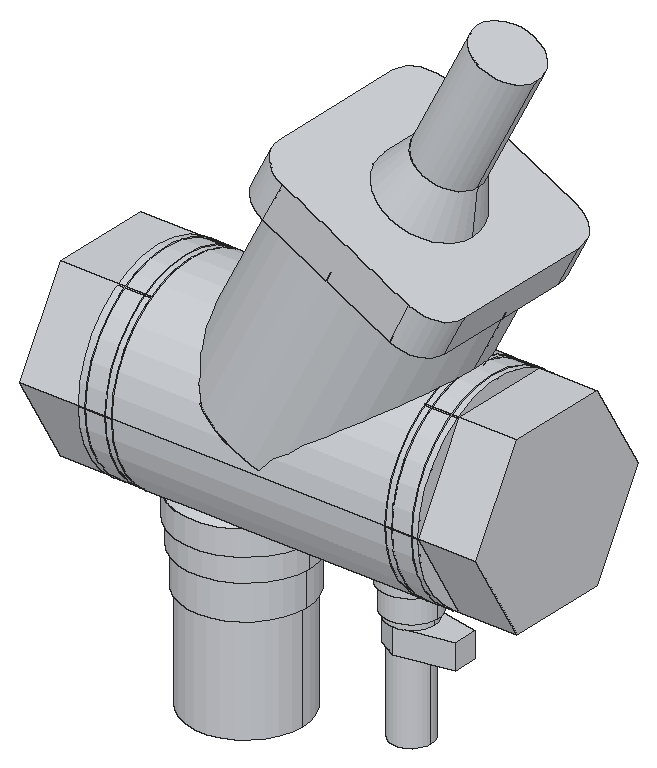
Revit family "Sigma_Compact_DN050_s vyp_RFA_2019", category Pipe Accessories, Revit 2019
Family settings
  Round Connector Dimension = Use Diameter
  Part Type = Valve - Breaks Into
  Work Plane-Based = No
  Always vertical = Yes
  Cut with Voids When Loaded = No
  Shared = No
Parameters (values of type "Sigma Compact DN 50 s vypouštěním")
  magiProductId = "001ad4382b874bb9b8e1e8cf3b6430"
  magiProductFamilyId = "2dc1766e7e3844cdb739145bbea09c"
  magiPartTypeId = 304
  isMeasuringValve [instance] = no
  ang2D [instance] = 0.00°
  Z6 = 39.3 mm
  Z5 = 91.7 mm
  Z4 = 78.6 mm
  Z3 = 13.1 mm
  Z2 = 65.5 mm
  XR2 = 37.5 mm
  XR1 = 25.5 mm
  W2D = 32 mm
  VersionID = "2.0/2018.12.13.2/FRESE_SIGMA_PLUG_Q13_001"
  Use Minimum Symbol Size [instance] = no
  URL = "www.hydronic.cz"
  Type Comments = "závitový; vnitřní závit; PN25; max dp=400kPa; -10~+120°C; max uzavírací tlak 1MPa"
  R4 = 15 mm
  R3 = 10 mm
  R2 = 30.5 mm
  R1 = 31.5 mm
  QmdConnectorList = "301;D;302;D"
  Productdata [instance] = ""
  NL__ve = -NL  # -27.6 mm
  NL = 27.6 mm
  Manufacturer = "Hydronic Systems Prague s.r.o."
  MC Use Limits From Balancing Method = no
  MC Throttling Minimum Value = 0
  MC Throttling Maximum Value = 0
  MC Product Code = "53-2227 DN50 FF s měřením a vypouštěním; (900-10350 l/h); kvs=20,3"
  MC Pressure Drop Minimum Value = 0.0 Pa
  MC Pressure Drop Maximum Value = 0.0 Pa
  MC Piping Given Pressure Drop [instance] = 0.0 Pa
  M5 = 51.4 mm
  M4 = 49.4 mm
  M3 = 43.4 mm
  M2 = 41.4 mm
  LP = 69 mm
  LM = 82.8 mm
  LL__ve = -LL  # -7.6 mm
  LLT__ve = -LLT  # -28.2 mm
  LLT = 28.2 mm
  LLL = 11 mm
  LL3 = 60 mm
  LL2 = 51 mm
  LL = 7.6 mm
  L3 = 25 mm
  L2D_Min = 30.48 mm
  L2D = 82.4 mm
  Description = "Automatický vyvažovací ventil"
  DR1 = yes
  DR0 = no
  DL2 = 85 mm
  D = 50 mm
  CenSd_R2_6 = R2 * cos(30.00°)  # 26.414 mm
  CAT0 = yes
  C0D1 = yes
  C0D0 = no
Types (3, lengths in mm): name | magiProductId | Z6 | Z5 | Z4 | Z3 | Z2 | NL__ve | NL | MC Product Code | M5 | M4 | M3 | M2 | LP | LM | LL__ve | LLT__ve | LLT | LL3 | LL2 | LL | DL2 | D
  Sigma Compact DN 32 s vypouštěním | "52c1318164f948b8bfa512d8a8b026" | 33 | 77 | 66 | 11 | 55 | -20.8 | 20.8 | "53-2225 DN32 FF s měřením a vypouštěním; (200-5000 l/h); kvs=10,9" | 41.2 | 39.2 | 33.2 | 31.2 | 52 | 62.4 | -6.8 | -22.6 | 22.6 | 52 | 43 | 6.8 | 77 | 32
  Sigma Compact DN 40 s vypouštěním | "ead7fbe154ec4086ae4626bbcbe652" | 39.3 | 91.7 | 78.6 | 13.1 | 65.5 | -27.6 | 27.6 | "53-2226 DN40 FF s měřením a vypouštěním; (719-7400 l/h); kvs=18,0" | 51.4 | 49.4 | 43.4 | 41.4 | 69 | 82.8 | -7 | -24 | 24 | 54 | 45 | 7 | 79 | 40
  Sigma Compact DN 50 s vypouštěním | "001ad4382b874bb9b8e1e8cf3b6430" | 39.3 | 91.7 | 78.6 | 13.1 | 65.5 | -27.6 | 27.6 | "53-2227 DN50 FF s měřením a vypouštěním; (900-10350 l/h); kvs=20,3" | 51.4 | 49.4 | 43.4 | 41.4 | 69 | 82.8 | -7.6 | -28.2 | 28.2 | 60 | 51 | 7.6 | 85 | 50
Reference planes
  plane 1 "Center (Front/Back)": y = 0
  plane 2 "XYPLANE": z = 0
  plane 3 "Center (Left/Right)": x = 0
  plane 4 "408": x = 69
  plane 5 "407": x = -69
  plane 6 "404": z = -52.4
  plane 7 "403": z = -60
  plane 8 "402": z = -85
  plane 9 "213": x = -25
  plane 10 "168": z = -24.2
  plane 11 "167": z = -26.2
  plane 12 "166": z = -33.8
  plane 13 "165": z = -41.4
  plane 14 "164": z = -43.4
  plane 15 "154": z = 0
  plane 16 "152": y = 0
  plane 17 "151": z = -51
  plane 18 "150": x = 25
  plane 19 "75": through (307.08, 0, 685.28) normal (0.891, 0, -0.454)
  plane 20 "74": x = 51.4
  plane 21 "73": x = 49.4
  plane 22 "72": x = 43.4
  plane 23 "71": x = 41.4
  plane 24 "70": x = -51.4
  plane 25 "69": x = -49.4
  plane 26 "68": x = -43.4
  plane 27 "67": y = 0
  plane 28 "66": through (-666.893, 0, 343.166) normal (0.454, 0, 0.891)
  plane 29 "65": x = -41.4
  plane 30 "64": through (335.147, 0, 670.979) normal (0.891, 0, -0.454)
  plane 31 "63": through (-638.519, 0, 398.854) normal (0.454, 0, 0.891)
  plane 32 "62": through (363.214, 0, 656.678) normal (0.891, 0, -0.454)
  plane 33 "61": y = 31.5
  plane 34 "60": y = -31.5
  plane 35 "59": through (-632.571, 0, 410.526) normal (0.454, 0, 0.891)
  plane 36 "58": through (-626.624, 0, 422.198) normal (0.454, 0, 0.891)
  plane 37 "56": x = 0
  plane 38 "55": through (-668.255, 0, 340.493) normal (0.454, 0, 0.891)
  plane 39 "102XY": through (-668.255, 0, 340.493) normal (0.454, 0, 0.891)
  plane 40 "102XZ": y = 0
  plane 41 "102YZ": through (340.493, 0, 668.255) normal (0.891, 0, -0.454)
Forms (mm)
  Extrusion 1, solid
    sketch origin (69, -750, 0) x (0, 1, 0) y (0, 0, 1)
      loop
        line (780.5, 0) -> (765.25, 26.414) -> (734.75, 26.414) -> (719.5, 0) -> (734.75, -26.414) -> (765.25, -26.414) -> (780.5, 0)
    from 0 to -27.6 <- "NL__ve"
  Extrusion 2, solid
    sketch origin (-69, -750, 0) x (0, 1, 0) y (0, 0, 1)
      loop
        line (719.5, 0) -> (734.75, -26.414) -> (765.25, -26.414) -> (780.5, 0) -> (765.25, 26.414) -> (734.75, 26.414) -> (719.5, 0)
    from 0 to 27.6 <- "NL"
  Extrusion 3, solid, visible <- "C0D1"
    sketch origin (-750, 0, -85) x (1, 0, 0) y (0, 1, 0)
      loop
        circle (725, 0) r 17.2
    from 0 to 50
  Extrusion 4, solid, visible <- "DR1"
    sketch origin (-750, 0, -52.4) x (1, 0, 0) y (0, 1, 0)
      loop
        line (725, -8) -> (731.928, -4) -> (731.928, 4) -> (725, 8) -> (707.872, 4) -> (707.872, -4) -> (725, -8)
    from 0 to -7.6 <- "LL__ve"
  Extrusion 5, solid, visible <- "DR1"
    sketch origin (-750, 0, -52.4) x (1, 0, 0) y (0, 1, 0)
      loop
        circle (725, 0) r 18.2
    from 0 to 11 <- "LLL"
  Extrusion 6, solid, visible <- "DR1"
    sketch origin (-750, 0, -41.4) x (1, 0, 0) y (0, 1, 0)
      loop
        circle (725, 0) r 19.2
    from 0 to 7.6 <- "LL"
  Extrusion 7, solid, visible <- "DR1"
    sketch origin (-750, 0, -33.8) x (1, 0, 0) y (0, 1, 0)
      loop
        circle (725, 0) r 20.2
    from 0 to 7.6 <- "LL"
  Blend 8, solid, visible <- "DR1"
    base sketch origin (-750, 0, -24.2) x (1, 0, 0) y (0, 1, 0)
      loop
        circle (725, 0) r 17.7
    top sketch origin (-750, 0, -24.2) x (1, 0, 0) y (0, 1, 0)
      loop
        circle (725, 0) r 20.2
    from 0 to -2
  Extrusion 9, solid, visible <- "DR1"
    sketch origin (-750, 0, 0) x (1, 0, 0) y (0, 1, 0)
      loop
        circle (725, 0) r 17.7
    from 0 to -28.2 <- "LLT__ve"
  Extrusion 10, solid, visible <- "C0D0"
    sketch origin (-750, 0, -51) x (1, 0, 0) y (0, 1, 0)
      loop
        circle (725, 0) r 16.2
    from 0 to -25
  Extrusion 11, solid, visible <- "DR0"
    sketch origin (-750, 0, -43.4) x (1, 0, 0) y (0, 1, 0)
      loop
        line (725, -7) -> (731.062, -3.5) -> (731.062, 3.5) -> (725, 7) -> (708.738, 3.5) -> (708.738, -3.5) -> (725, -7)
    from 0 to -7.6 <- "LL__ve"
  Extrusion 12, solid, visible <- "DR0"
    sketch origin (-750, 0, -43.4) x (1, 0, 0) y (0, 1, 0)
      loop
        circle (725, 0) r 17.2
    from 0 to 2
  Extrusion 13, solid, visible <- "DR0"
    sketch origin (-750, 0, -33.8) x (1, 0, 0) y (0, 1, 0)
      loop
        circle (725, 0) r 19.2
    from 0 to 7.6 <- "LL"
  Blend 14, solid, visible <- "DR0"
    base sketch origin (-750, 0, -24.2) x (1, 0, 0) y (0, 1, 0)
      loop
        circle (725, 0) r 16.7
    top sketch origin (-750, 0, -24.2) x (1, 0, 0) y (0, 1, 0)
      loop
        circle (725, 0) r 19.2
    from 0 to -2
  Extrusion 15, solid, visible <- "DR0"
    sketch origin (-750, 0, 0) x (1, 0, 0) y (0, 1, 0)
      loop
        circle (725, 0) r 16.7
    from 0 to -28.2 <- "LLT__ve"
  Extrusion 16, solid, visible <- "DR0"
    sketch origin (-750, 0, 0) x (1, 0, 0) y (0, 1, 0)
      loop
        circle (725, 0) r 16.7
    from 0 to -28.2 <- "LLT__ve"
  Blend 17, solid, visible <- "DR0"
    base sketch origin (-750, 0, -24.2) x (1, 0, 0) y (0, 1, 0)
      loop
        circle (725, 0) r 16.7
    top sketch origin (-750, 0, -24.2) x (1, 0, 0) y (0, 1, 0)
      loop
        circle (725, 0) r 19.2
    from 0 to -2
  Extrusion 18, solid, visible <- "DR0"
    sketch origin (-750, 0, -33.8) x (1, 0, 0) y (0, 1, 0)
      loop
        circle (725, 0) r 19.2
    from 0 to 7.6 <- "LL"
  Extrusion 19, solid, visible <- "DR0"
    sketch origin (-750, 0, -41.4) x (1, 0, 0) y (0, 1, 0)
      loop
        circle (725, 0) r 18.2
    from 0 to 7.6 <- "LL"
  Extrusion 20, solid, visible <- "DR0"
    sketch origin (-750, 0, -43.4) x (1, 0, 0) y (0, 1, 0)
      loop
        circle (725, 0) r 17.2
    from 0 to 2
  Extrusion 21, solid, visible <- "DR0"
    sketch origin (-750, 0, -43.4) x (1, 0, 0) y (0, 1, 0)
      loop
        line (725, -7) -> (731.062, -3.5) -> (731.062, 3.5) -> (725, 7) -> (708.738, 3.5) -> (708.738, -3.5) -> (725, -7)
    from 0 to -7.6 <- "LL__ve"
  Extrusion 22, solid, visible <- "C0D0"
    sketch origin (-750, 0, -51) x (1, 0, 0) y (0, 1, 0)
      loop
        circle (725, 0) r 16.2
    from 0 to -25
  Extrusion 23, solid, visible <- "CAT0"
    sketch origin (-750, 0, -51) x (1, 0, 0) y (0, 1, 0)
      loop
        circle (775, 0) r 6
    from 0 to -25
  Extrusion 24, solid
    sketch origin (-750, 0, -43.4) x (1, 0, 0) y (0, 1, 0)
      loop
        line (775, -7) -> (791.262, -3.5) -> (791.262, 3.5) -> (775, 7) -> (768.938, 3.5) -> (768.938, -3.5) -> (775, -7)
    from 0 to -7.6 <- "LL__ve"
  Extrusion 25, solid
    sketch origin (-750, 0, -43.4) x (1, 0, 0) y (0, 1, 0)
      loop
        circle (775, 0) r 7
    from 0 to 2
  Extrusion 26, solid
    sketch origin (-750, 0, -41.4) x (1, 0, 0) y (0, 1, 0)
      loop
        circle (775, 0) r 8
    from 0 to 7.6 <- "LL"
  Extrusion 27, solid
    sketch origin (-750, 0, -33.8) x (1, 0, 0) y (0, 1, 0)
      loop
        circle (775, 0) r 9
    from 0 to 7.6 <- "LL"
  Blend 28, solid
    base sketch origin (-750, 0, -24.2) x (1, 0, 0) y (0, 1, 0)
      loop
        circle (775, 0) r 6.5
    top sketch origin (-750, 0, -24.2) x (1, 0, 0) y (0, 1, 0)
      loop
        circle (775, 0) r 9
    from 0 to -2
  Extrusion 29, solid
    sketch origin (-750, 0, 0) x (1, 0, 0) y (0, 1, 0)
      loop
        circle (775, 0) r 6.5
    from 0 to -28.2 <- "LLT__ve"
  Blend 30, solid, visible <- "CAT0"
    base sketch origin (49.4, -750, 0) x (0, 1, 0) y (0, 0, 1)
      loop
        circle (750, 0) r 30.5
    top sketch origin (49.4, -750, 0) x (0, 1, 0) y (0, 0, 1)
      loop
        circle (750, 0) r 30.5
    from 0 to 2
  Extrusion 31, solid, visible <- "CAT0"
    sketch origin (43.4, -750, 0) x (0, 1, 0) y (0, 0, 1)
      loop
        circle (750, 0) r 30.5
    from 0 to 6
  Blend 32, solid, visible <- "CAT0"
    base sketch origin (41.4, -750, 0) x (0, 1, 0) y (0, 0, 1)
      loop
        circle (750, 0) r 30.5
    top sketch origin (41.4, -750, 0) x (0, 1, 0) y (0, 0, 1)
      loop
        circle (750, 0) r 30.5
    from 0 to 2
  Blend 33, solid, visible <- "CAT0"
    base sketch origin (-49.4, -750, 0) x (0, 1, 0) y (0, 0, 1)
      loop
        circle (750, 0) r 30.5
    top sketch origin (-49.4, -750, 0) x (0, 1, 0) y (0, 0, 1)
      loop
        circle (750, 0) r 30.5
    from 0 to -2
  Extrusion 34, solid, visible <- "CAT0"
    sketch origin (-49.4, -750, 0) x (0, 1, 0) y (0, 0, 1)
      loop
        circle (750, 0) r 30.5
    from 0 to 6
  Blend 35, solid, visible <- "CAT0"
    base sketch origin (-43.4, -750, 0) x (0, 1, 0) y (0, 0, 1)
      loop
        circle (750, 0) r 30.5
    top sketch origin (-43.4, -750, 0) x (0, 1, 0) y (0, 0, 1)
      loop
        circle (750, 0) r 30.5
    from 0 to 2
  Extrusion 36, solid, visible <- "CAT0"
    sketch origin (-41.4, -750, 0) x (0, 1, 0) y (0, 0, 1)
      loop
        circle (750, 0) r 30.5
    from 0 to 82.8 <- "LM"
  Extrusion 37, solid, visible <- "CAT0"
    sketch origin (-666.893, 0, 343.166) x (0.891007, 0, -0.45399) y (0, 1, 0)
      loop
        circle (744, 0) r 31.5
    from 0 to 65.5 <- "Z2"
  Extrusion 38, solid, visible <- "CAT0"
    sketch origin (-638.519, 0, 398.854) x (0.891007, 0, -0.45399) y (0, 1, 0)
      loop
        arc (722.5, 31.5) -> (715.429, 28.571) -> (712.5, 21.5) r 10
        line (712.5, 21.5) -> (712.5, -21.5)
        arc (712.5, -21.5) -> (715.429, -28.571) -> (722.5, -31.5) r 10
        line (722.5, -31.5) -> (765.5, -31.5)
        arc (765.5, -31.5) -> (772.571, -28.571) -> (775.5, -21.5) r 10
        line (775.5, -21.5) -> (775.5, 21.5)
        arc (775.5, 21.5) -> (772.571, 28.571) -> (765.5, 31.5) r 10
        line (765.5, 31.5) -> (722.5, 31.5)
    from 0 to 13.1 <- "Z3"
  Blend 39, solid, visible <- "CAT0"
    base sketch origin (-632.571, 0, 410.526) x (0.891007, 0, -0.45399) y (0, 1, 0)
      loop
        circle (744, 0) r 15
    top sketch origin (-632.571, 0, 410.526) x (0.891007, 0, -0.45399) y (0, 1, 0)
      loop
        circle (744, 0) r 10
    from 0 to 13.1
  Extrusion 40, solid, visible <- "CAT0"
    sketch origin (-626.624, 0, 422.198) x (0.891007, 0, -0.45399) y (0, 1, 0)
      loop
        circle (744, 0) r 10
    from 0 to 39.3 <- "Z6"
  Blend 41, solid, visible <- "CAT0"
    base sketch origin (-668.255, 0, 340.493) x (0.891007, 0, -0.45399) y (0, 1, 0)
      loop
        circle (744, 0) r 15
    top sketch origin (-668.255, 0, 340.493) x (0.891007, 0, -0.45399) y (0, 1, 0)
      loop
        circle (744, 0) r 31.5
    from 0 to 3
  Extrusion 42, solid, not visible
    sketch origin (-51.4, -750, 0) x (0, 1, 0) y (0, 0, 1)
      loop
        circle (750, 0) r 10
    from 0 to 10
  Extrusion 43, solid, not visible
    sketch origin (51.4, -750, 0) x (0, 1, 0) y (0, 0, 1)
      loop
        circle (750, 0) r 10
    from 0 to -10
Lines and regions (mm)
  reference lines, not visible
    curve 1: circle (2, 2, 0) r 1 normal (0, 0, 1)
  reference lines
    curve 2: line (69, 0, 0) -> (69, -7.625, 13.207)
    curve 3: line (69, 0, 0) -> (69, -15.25, 0)
    curve 4: line (69, 0, 0) -> (69, -7.625, -13.207)
    curve 5: line (-69, 0, 0) -> (-69, 7.625, 13.207)
    curve 6: line (-69, 0, 0) -> (-69, 15.25, 0)
    curve 7: line (-69, 0, 0) -> (-69, 7.625, -13.207)
Dimensions and locks
  plane 1 "Center (Front/Back)" to curve 1 = 2 mm
  "LP": plane 37 "56" to plane 4 "408"
  "LP": plane 37 "56" to plane 5 "407"
  "LL": plane 7 "403" to plane 6 "404"
  "LL3": plane 2 "XYPLANE" to plane 7 "403"
  "DL2": plane 2 "XYPLANE" to plane 8 "402"
  "L3": plane 3 "Center (Left/Right)" to plane 9 "213"
  locked: plane 11 "167" to plane 10 "168" at 2
  "LL": plane 12 "166" to plane 11 "167"
  "LL": plane 13 "165" to plane 12 "166"
  locked: plane 14 "164" to plane 13 "165" at 2
  "LL": plane 17 "151" to plane 14 "164"
  locked: plane 2 "XYPLANE" to plane 15 "154"
  locked: plane 1 "Center (Front/Back)" to plane 16 "152"
  "LL2": plane 2 "XYPLANE" to plane 17 "151"
  "L3": plane 3 "Center (Left/Right)" to plane 18 "150"
  "XR2": plane 41 "102YZ" to plane 19 "75"
  "M5": plane 3 "Center (Left/Right)" to plane 20 "74"
  "M4": plane 3 "Center (Left/Right)" to plane 21 "73"
  "M3": plane 3 "Center (Left/Right)" to plane 22 "72"
  "M2": plane 3 "Center (Left/Right)" to plane 23 "71"
  "M5": plane 3 "Center (Left/Right)" to plane 24 "70"
  "M4": plane 3 "Center (Left/Right)" to plane 25 "69"
  "M3": plane 3 "Center (Left/Right)" to plane 26 "68"
  locked: plane 16 "152" to plane 27 "67"
  locked: plane 39 "102XY" to plane 28 "66" at 3
  "M2": plane 3 "Center (Left/Right)" to plane 29 "65"
  locked: plane 41 "102YZ" to plane 30 "64" at 6
  "Z2": plane 39 "102XY" to plane 31 "63"
  "XR1": plane 41 "102YZ" to plane 32 "62"
  "R1": plane 16 "152" to plane 33 "61"
  "R1": plane 16 "152" to plane 34 "60"
  "Z4": plane 39 "102XY" to plane 35 "59"
  "Z5": plane 39 "102XY" to plane 36 "58"
  locked: plane 3 "Center (Left/Right)" to plane 37 "56"
  locked: plane 39 "102XY" to plane 38 "55"
  "CenSd_R2_6": curve 2 to Extrusion 1 sketch curve  (x2)
  "CenSd_R2_6": curve 3 to Extrusion 1 sketch curve  (x2)
  "CenSd_R2_6": curve 4 to Extrusion 1 sketch curve  (x2)
  Extrusion 1 sketch curve to Extrusion 1 sketch curve = 0 mm  (x12)
  "CenSd_R2_6": curve 5 to Extrusion 2 sketch curve  (x2)
  "CenSd_R2_6": curve 6 to Extrusion 2 sketch curve  (x2)
  "CenSd_R2_6": curve 7 to Extrusion 2 sketch curve  (x2)
  Extrusion 2 sketch curve to Extrusion 2 sketch curve = 0 mm  (x12)
  Extrusion 4 sketch curve to Extrusion 4 sketch curve = 0 mm  (x12)
  Extrusion 11 sketch curve to Extrusion 11 sketch curve = 0 mm  (x12)
  Extrusion 21 sketch curve to Extrusion 21 sketch curve = 0 mm  (x12)
  Extrusion 24 sketch curve to Extrusion 24 sketch curve = 0 mm  (x12)
  Extrusion 38 sketch curve to Extrusion 38 sketch curve = 0 mm  (x16)
  "R2": radius of Blend 30 sketch curve  (x2)
  "R2": radius of Extrusion 31 sketch curve
  "R2": radius of Blend 32 sketch curve  (x2)
  "R2": radius of Blend 33 sketch curve  (x2)
  "R2": radius of Extrusion 34 sketch curve
  "R2": radius of Blend 35 sketch curve  (x2)
  "R2": radius of Extrusion 36 sketch curve
  "R1": radius of Extrusion 37 sketch curve
  radius of Extrusion 38 sketch curve = 10 mm  (x4)
  "R3": radius of Blend 39 sketch curve
  "R4": radius of Blend 39 sketch curve
  "R3": radius of Extrusion 40 sketch curve
  "R1": radius of Blend 41 sketch curve
  locked: curve 3 to curve 2 (angle 60.00°)
  locked: curve 4 to curve 3 (angle 60.00°)
  locked: curve 4 to curve 2 (angle 120.00°)
  locked: curve 6 to curve 5 (angle 60.00°)
  locked: curve 7 to curve 6 (angle 60.00°)
  locked: curve 7 to curve 5 (angle 120.00°)
  aligned and locked: level to plane 2 "XYPLANE"
  aligned and locked: plane 15 "154" to curve 4
  aligned and locked: curve 4 to plane 16 "152"
  aligned and locked: plane 15 "154" to curve 7
  aligned and locked: curve 7 to plane 16 "152"
  aligned and locked: plane 9 "213" to Extrusion 3 sketch curve
  aligned and locked: plane 16 "152" to Extrusion 3 sketch curve
  aligned and locked: plane 9 "213" to Extrusion 5 sketch curve
  aligned and locked: plane 16 "152" to Extrusion 5 sketch curve
  aligned and locked: plane 9 "213" to Extrusion 6 sketch curve
  aligned and locked: plane 16 "152" to Extrusion 6 sketch curve
  aligned and locked: plane 9 "213" to Extrusion 7 sketch curve
  aligned and locked: plane 16 "152" to Extrusion 7 sketch curve
  aligned and locked: plane 9 "213" to Blend 8 sketch curve  (x2)
  aligned and locked: plane 16 "152" to Blend 8 sketch curve  (x2)
  aligned and locked: Blend 8 to plane 11 "167"
  aligned and locked: plane 9 "213" to Extrusion 9 sketch curve
  aligned and locked: plane 16 "152" to Extrusion 9 sketch curve
  aligned and locked: plane 9 "213" to Extrusion 10 sketch curve
  aligned and locked: plane 16 "152" to Extrusion 10 sketch curve
  aligned and locked: plane 9 "213" to Extrusion 12 sketch curve
  aligned and locked: plane 16 "152" to Extrusion 12 sketch curve
  aligned and locked: plane 9 "213" to Extrusion 13 sketch curve
  aligned and locked: plane 16 "152" to Extrusion 13 sketch curve
  aligned and locked: plane 9 "213" to Blend 14 sketch curve  (x2)
  aligned and locked: plane 16 "152" to Blend 14 sketch curve  (x2)
  aligned and locked: Blend 14 to plane 11 "167"
  aligned and locked: plane 9 "213" to Extrusion 15 sketch curve
  aligned and locked: plane 16 "152" to Extrusion 15 sketch curve
  aligned and locked: plane 9 "213" to Extrusion 16 sketch curve
  aligned and locked: plane 16 "152" to Extrusion 16 sketch curve
  aligned and locked: plane 9 "213" to Blend 17 sketch curve  (x2)
  aligned and locked: plane 16 "152" to Blend 17 sketch curve  (x2)
  aligned and locked: Blend 17 to plane 11 "167"
  aligned and locked: plane 9 "213" to Extrusion 18 sketch curve
  aligned and locked: plane 16 "152" to Extrusion 18 sketch curve
  aligned and locked: plane 9 "213" to Extrusion 19 sketch curve
  aligned and locked: plane 16 "152" to Extrusion 19 sketch curve
  aligned and locked: plane 9 "213" to Extrusion 20 sketch curve
  aligned and locked: plane 16 "152" to Extrusion 20 sketch curve
  aligned and locked: plane 9 "213" to Extrusion 22 sketch curve
  aligned and locked: plane 16 "152" to Extrusion 22 sketch curve
  aligned and locked: plane 16 "152" to Extrusion 23 sketch curve
  aligned and locked: plane 18 "150" to Extrusion 23 sketch curve
  aligned and locked: plane 16 "152" to Extrusion 25 sketch curve
  aligned and locked: plane 18 "150" to Extrusion 25 sketch curve
  aligned and locked: plane 16 "152" to Extrusion 26 sketch curve
  aligned and locked: plane 18 "150" to Extrusion 26 sketch curve
  aligned and locked: plane 16 "152" to Extrusion 27 sketch curve
  aligned and locked: plane 18 "150" to Extrusion 27 sketch curve
  aligned and locked: plane 16 "152" to Blend 28 sketch curve  (x2)
  aligned and locked: plane 18 "150" to Blend 28 sketch curve  (x2)
  aligned and locked: Blend 28 to plane 11 "167"
  aligned and locked: plane 16 "152" to Extrusion 29 sketch curve
  aligned and locked: plane 18 "150" to Extrusion 29 sketch curve
  aligned and locked: plane 15 "154" to Blend 30 sketch curve  (x2)
  aligned and locked: Blend 30 sketch curve to plane 16 "152"  (x2)
  aligned and locked: plane 20 "74" to Blend 30
  aligned and locked: plane 15 "154" to Extrusion 31 sketch curve
  aligned and locked: Extrusion 31 sketch curve to plane 16 "152"
  aligned and locked: plane 15 "154" to Blend 32 sketch curve  (x2)
  aligned and locked: Blend 32 sketch curve to plane 16 "152"  (x2)
  aligned and locked: plane 22 "72" to Blend 32
  aligned and locked: plane 15 "154" to Blend 33 sketch curve  (x2)
  aligned and locked: Blend 33 sketch curve to plane 16 "152"  (x2)
  aligned and locked: Blend 33 to plane 24 "70"
  aligned and locked: plane 15 "154" to Extrusion 34 sketch curve
  aligned and locked: Extrusion 34 sketch curve to plane 16 "152"
  aligned and locked: plane 15 "154" to Blend 35 sketch curve  (x2)
  aligned and locked: Blend 35 sketch curve to plane 16 "152"  (x2)
  aligned and locked: plane 29 "65" to Blend 35
  aligned and locked: plane 15 "154" to Extrusion 36 sketch curve
  aligned and locked: Extrusion 36 sketch curve to plane 16 "152"
  aligned and locked: plane 27 "67" to Extrusion 37 sketch curve
  aligned and locked: Extrusion 37 sketch curve to plane 30 "64"
  aligned and locked: Extrusion 38 sketch curve to plane 19 "75"
  aligned and locked: Extrusion 38 sketch curve to plane 34 "60"
  aligned and locked: Extrusion 38 sketch curve to plane 32 "62"
  aligned and locked: plane 33 "61" to Extrusion 38 sketch curve
  aligned and locked: plane 27 "67" to Blend 39 sketch curve  (x2)
  aligned and locked: Blend 39 sketch curve to plane 30 "64"  (x2)
  aligned and locked: plane 36 "58" to Blend 39
  aligned and locked: plane 27 "67" to Extrusion 40 sketch curve
  aligned and locked: Extrusion 40 sketch curve to plane 30 "64"
  aligned and locked: plane 27 "67" to Blend 41 sketch curve  (x2)
  aligned and locked: Blend 41 sketch curve to plane 30 "64"  (x2)
  aligned and locked: plane 28 "66" to Blend 41
  aligned and locked: plane 15 "154" to Extrusion 42 sketch curve
  aligned and locked: Extrusion 42 sketch curve to plane 16 "152"
  aligned and locked: plane 15 "154" to Extrusion 43 sketch curve
  aligned and locked: Extrusion 43 sketch curve to plane 16 "152"
Automatic sketch dimensions
  Extrusion 3 sketch curve to plane 29 "65" = 0.8 mm
  Extrusion 4 sketch curve to plane 9 "213" = 0 mm  (x2)
  Extrusion 4 sketch curve to plane 29 "65" = 0.728 mm
  plane 9 "213" to Extrusion 4 sketch curve = 6.928 mm
  plane 1 "Center (Front/Back)" to Extrusion 4 sketch curve = 8 mm
  plane 1 "Center (Front/Back)" to Extrusion 4 sketch curve = 4 mm  (x2)
  Extrusion 4 sketch curve to plane 1 "Center (Front/Back)" = 4 mm  (x2)
  Extrusion 4 sketch curve to plane 1 "Center (Front/Back)" = 8 mm
  plane 26 "68" to Extrusion 5 sketch curve = 0.2 mm
  Extrusion 6 sketch curve to plane 26 "68" = 0.8 mm
  Extrusion 7 sketch curve to plane 26 "68" = 1.8 mm
  plane 26 "68" to Blend 8 sketch curve = 0.7 mm
  Blend 8 sketch curve to plane 26 "68" = 1.8 mm
  plane 26 "68" to Extrusion 9 sketch curve = 0.7 mm
  plane 29 "65" to Extrusion 10 sketch curve = 0.2 mm
  Extrusion 11 sketch curve to plane 9 "213" = 0 mm  (x2)
  plane 29 "65" to Extrusion 11 sketch curve = 0.138 mm
  plane 9 "213" to Extrusion 11 sketch curve = 6.062 mm
  plane 1 "Center (Front/Back)" to Extrusion 11 sketch curve = 7 mm
  plane 1 "Center (Front/Back)" to Extrusion 11 sketch curve = 3.5 mm  (x2)
  Extrusion 11 sketch curve to plane 1 "Center (Front/Back)" = 3.5 mm  (x2)
  Extrusion 11 sketch curve to Extrusion 11 sketch curve = 3.5 mm
  Extrusion 12 sketch curve to plane 29 "65" = 0.8 mm
  Extrusion 13 sketch curve to plane 26 "68" = 0.8 mm
  Blend 14 sketch curve to plane 29 "65" = 0.3 mm
  Blend 14 sketch curve to plane 26 "68" = 0.8 mm
  Extrusion 15 sketch curve to plane 29 "65" = 0.3 mm
  Extrusion 16 sketch curve to plane 29 "65" = 0.3 mm
  Blend 17 sketch curve to plane 29 "65" = 0.3 mm
  Blend 17 sketch curve to plane 26 "68" = 0.8 mm
  Extrusion 18 sketch curve to plane 26 "68" = 0.8 mm
  plane 26 "68" to Extrusion 19 sketch curve = 0.2 mm
  Extrusion 20 sketch curve to plane 29 "65" = 0.8 mm
  Extrusion 21 sketch curve to plane 9 "213" = 0 mm  (x2)
  plane 29 "65" to Extrusion 21 sketch curve = 0.138 mm
  plane 9 "213" to Extrusion 21 sketch curve = 6.062 mm
  plane 1 "Center (Front/Back)" to Extrusion 21 sketch curve = 7 mm
  plane 1 "Center (Front/Back)" to Extrusion 21 sketch curve = 3.5 mm  (x2)
  Extrusion 21 sketch curve to plane 1 "Center (Front/Back)" = 3.5 mm  (x2)
  Extrusion 21 sketch curve to Extrusion 21 sketch curve = 3.5 mm
  plane 29 "65" to Extrusion 22 sketch curve = 0.2 mm
  Extrusion 23 sketch curve to plane 18 "150" = 6 mm
  Extrusion 24 sketch curve to plane 18 "150" = 0 mm  (x2)
  Extrusion 24 sketch curve to plane 18 "150" = 6.062 mm
  Extrusion 24 sketch curve to plane 23 "71" = 0.138 mm
  plane 1 "Center (Front/Back)" to Extrusion 24 sketch curve = 7 mm
  plane 1 "Center (Front/Back)" to Extrusion 24 sketch curve = 3.5 mm  (x2)
  Extrusion 24 sketch curve to plane 1 "Center (Front/Back)" = 3.5 mm  (x2)
  Extrusion 24 sketch curve to Extrusion 24 sketch curve = 3.5 mm
  Extrusion 25 sketch curve to plane 18 "150" = 7 mm
  Extrusion 26 sketch curve to plane 18 "150" = 8 mm
  Extrusion 27 sketch curve to Extrusion 27 sketch curve = 9 mm
  Blend 28 sketch curve to plane 18 "150" = 6.5 mm
  Blend 28 sketch curve to Blend 28 sketch curve = 9 mm
  Extrusion 29 sketch curve to plane 18 "150" = 6.5 mm
  Blend 41 sketch curve to Blend 41 sketch curve = 15 mm
  plane 1 "Center (Front/Back)" to Extrusion 42 sketch curve = 10 mm
  plane 1 "Center (Front/Back)" to Extrusion 43 sketch curve = 10 mm
  plane 3 "Center (Left/Right)" to curve 1 = 2 mm
  radius of curve 1 = 1 mm
Connectors
  piping at (-51.4, 0, 0), diameter 50, driven by "D"
    settings: on Extrusion 42, index 1, connector inside diameter 609.6 mm, connector length 0 mm, flow factor 0, pipe flow 0.0 L/s, pressure drop 0.0 Pa, fitting loss kfactor 0, connector angle 0.00°, fixture units 0, engagement length 0 mm, angle of deflection 0.00°, flow configuration 0, flow direction 0, fitting loss method 0, system type 29, joint type 0, gender type 0, connector reference index 2, connector utility 0, adjustable connector no, is connector primary yes, connector description ""
  piping at (51.4, 0, 0), diameter 50, driven by "D"
    settings: on Extrusion 43, index 2, connector inside diameter 609.6 mm, connector length 0 mm, flow factor 0, pipe flow 0.0 L/s, pressure drop 0.0 Pa, fitting loss kfactor 0, connector angle 0.00°, fixture units 0, engagement length 0 mm, angle of deflection 0.00°, flow configuration 0, flow direction 0, fitting loss method 0, system type 29, joint type 0, gender type 0, connector reference index 1, connector utility 0, adjustable connector no, is connector primary no, connector description ""
